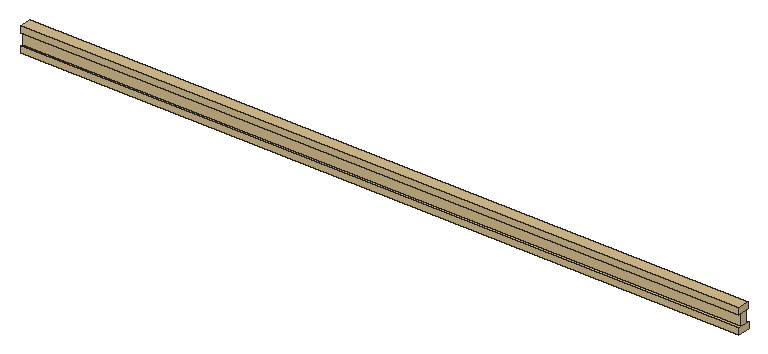
Revit family "EFHorizontal_Ijoist", category Structural Framing, Revit 2021
Family settings
  Structural Framing Length Roundoff = 0' - 0"
  Section Shape = Not Defined
  Material for Model Behavior = Wood
  Always export as geometry = No
  OmniClass Number = 23.25.30.11.14.14
  OmniClass Title = Beams
  Always vertical = Yes
  Cut with Voids When Loaded = No
  Symbolic Representation = From Project Settings
  Shared = No
  Show family pre-cut in plan views = Yes
Parameters (values of type "4X2 EFSill")
  Web_b = 0' - 0 1/2"
  Type Comments = "2x4"
  Structural Material = Dimensional Lumber
  Pipeline = "2x4"
  PL_d = 0' - 0 1/2"
  PL_b = 0' - 1"
  Description = "Dimension Lumber"
  A = 5.25 in²
  Assembly Code = "B10"
  Length [instance] = 5' - 0"
  d = 0' - 2"
Types (5): name | Web_b | PL_d | PL_b | d
  2x4 RIM Board | 0' - 0 1/4" | 0' - 0 1/2" | 0' - 1.56683" | 0' - 1 3/4"
  4X2 Rim Board | 0' - 0.56683" | 0' - 0 1/4" | 0' - 3 1/2" | 0' - 1 1/2"
  4X10 Rim Board | 0' - 0.56683" | 0' - 0 1/4" | 0' - 3 1/2" | 0' - 7"
  4X2 EF | 0' - 0.56683" | 0' - 0 1/4" | 0' - 3 1/2" | 0' - 2"
  4X2 EFSill | 0' - 0 1/2" | 0' - 0 1/2" | 0' - 1" | 0' - 2"
Reference planes (in)
  plane 1 "Center (Front/Back)": y = -1.03342
  plane 2: z = 0
  plane 3 "Center (Left/Right)": x = 0.1815
  plane 4: y = -0.53342
  plane 5: y = -1.53342
  plane 6: z = 1
  plane 7: z = -1
  plane 8 "Left": x = -29.8185
  plane 9 "Right": x = 30.1815
  plane 10: z = 0.5
  plane 11: z = -0.5
  plane 12: y = -1.28342
  plane 13: y = -0.78342
Forms (in)
  Extrusion 1, solid, material "Dimensional Lumber"
    sketch origin (0, 0, 1) x (-1, 0, 0) y (0, 1, 0)
      loop
        line (29.8185, -1.53342) -> (29.8185, -0.53342) -> (-30.1815, -0.53342) -> (-30.1815, -1.53342) -> (29.8185, -1.53342)
    from 0 to 0.5
  Extrusion 2, solid, material "Dimensional Lumber"
    sketch origin (0, 0, -0.5) x (-1, 0, 0) y (0, 1, 0)
      loop
        line (29.8185, -1.53342) -> (29.8185, -0.53342) -> (-30.1815, -0.53342) -> (-30.1815, -1.53342) -> (29.8185, -1.53342)
    from 0 to 0.5
  Extrusion 3, solid, material "Dimensional Lumber"
    sketch origin (0, 0, 0.5) x (-1, 0, 0) y (0, 1, 0)
      loop
        line (-30.1815, -1.28342) -> (29.8185, -1.28342) -> (29.8185, -0.78342) -> (-30.1815, -0.78342) -> (-30.1815, -1.28342)
    from 0 to 1
Lines and regions (in)
  symbolic lines, style "Stick Symbols", detail levels medium
    curve 1: line (-23.8185, -1.03342, 0.875) -> (24.1815, -1.03342, 0.875)
Dimensions and locks (in)
  "PL_b": plane 4 to plane 5
  "d": plane 7 to plane 6
  equal spacing: plane 7, plane 2, plane 6
  equal spacing: plane 4, plane 1 "Center (Front/Back)", plane 5
  "Length": plane 8 "Left" to plane 9 "Right"
  equal spacing: plane 13, plane 1 "Center (Front/Back)", plane 12
  "Web_b": plane 13 to plane 12
  "PL_d": plane 10 to plane 6
  "PL_d": plane 7 to plane 11
  plane 1 "Center (Front/Back)" to Extrusion 3 = 0' - 0 1/4"
  aligned and locked: plane 1 "Center (Front/Back)" to curve 1
  aligned and locked: plane 5 to Extrusion 1 sketch curve
  aligned and locked: plane 9 "Right" to Extrusion 1 sketch curve
  aligned and locked: plane 4 to Extrusion 1 sketch curve
  aligned and locked: plane 8 "Left" to Extrusion 1 sketch curve
  aligned and locked: plane 10 to Extrusion 1
  aligned and locked: plane 5 to Extrusion 2 sketch curve
  aligned and locked: plane 4 to Extrusion 2 sketch curve
  aligned and locked: plane 9 "Right" to Extrusion 2 sketch curve
  aligned and locked: plane 8 "Left" to Extrusion 2 sketch curve
  aligned and locked: plane 7 to Extrusion 2
  aligned and locked: plane 12 to Extrusion 3 sketch curve
  aligned and locked: plane 13 to Extrusion 3 sketch curve
  aligned and locked: plane 9 "Right" to Extrusion 3 sketch curve
  aligned and locked: plane 8 "Left" to Extrusion 3 sketch curve
  aligned and locked: plane 11 to Extrusion 3
Automatic sketch dimensions
  plane 9 "Right" to curve 1 = 0' - 6"
  curve 1 to plane 8 "Left" = 0' - 6"
